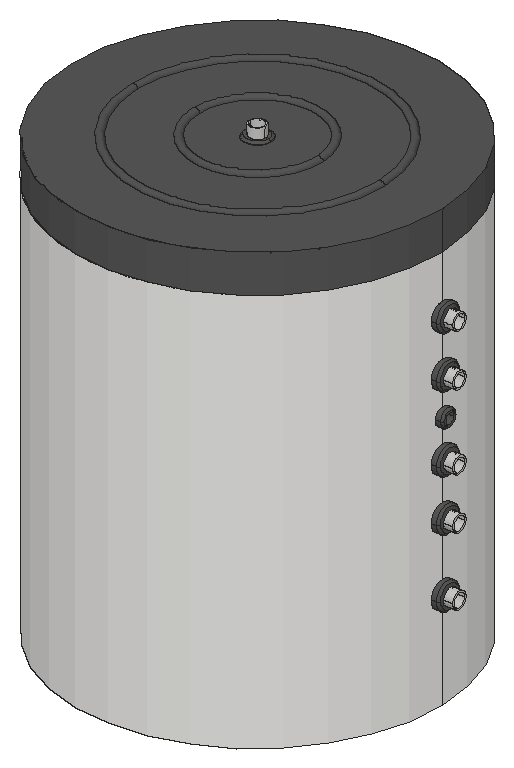
Revit family "S-tank_FRESH-200", category Оборудование, Revit 2019
Family settings
  Размер круглого соединителя = Использовать диаметр
  Классификация = Нет
  Тип детали = Нормальный
  На основе рабочей плоскости = Нет
  Всегда вертикально = Да
  При загрузке вырезать с полостями = Нет
  Общий = Нет
  Точка расчета площади = Нет
Parameters (values of type "FRESH 200")
  Разработка семейств = "https://rubim.tech/"
  Диаметрсизоляцией = 780 mm
  shrf = 17.5 mm
  rd [instance] = Диаметрсизоляцией / 2  # 390 mm
  a = Диаметрсизоляцией / 6  # 130 mm
  I = 735 mm
  H = 935 mm
  E = 625 mm
  DN2 = 15 mm
  DN1 = 25 mm
  D = 545 mm
  C = 465 mm
  B = 355 mm
  ADSK_Примечание [instance] = ""
  ADSK_Позиция [instance] = ""
  ADSK_Обозначение = "FRESH 200"
  ADSK_Наименование краткое [instance] = "БКН"
  ADSK_Наименование = "Буферная емкость c ГВС"
  ADSK_Масса_Текст [instance] = ""
  ADSK_Масса = 51
  ADSK_Марка = "FRESH 200"
  ADSK_Количество [instance] = 1  # constant formula
  ADSK_Код изделия = "1.0200"
  ADSK_Завод-изготовитель = "ООО “С-ТЭНК ВОТЕР ХИТЕРС”"
  ADSK_Единица измерения = "шт."  # constant formula
  ADSK_Группирование = "Оборудование"
  ADSK_URL документации изделия = "http://s-tank.ru/fresh/"
  A = 210 mm
Reference planes
  plane 1 "По центру (Вперед/Назад)": y = 0
  plane 2: z = 0
  plane 3 "По центру (Влево/Вправо)": x = 0
  plane 4: z = 210
  plane 5: z = 355
  plane 6: z = 465
  plane 7: z = 545
  plane 8: z = 935
  plane 9: x = 390
  plane 10: x = -390
  plane 11: x = 130
  plane 12: x = 260
  plane 13: y = -390
  plane 14: y = 390
  plane 15: z = 625
  plane 16: z = 735
Forms (mm)
  Extrusion 1, solid, material "RB_Серая порошковая"
    sketch origin (0, 0, 0) x (1, 0, 0) y (0, 1, 0)
      loop
        circle (0, 0) r 390
    from 0 to 855
  Extrusion 2, solid, material "RB_Черный пластик"
    sketch origin (0, 0, 0) x (1, 0, 0) y (0, 1, 0)
      loop
        circle (0, 0) r 390
    from 855 to 935
  Revolve 3, solid, material "RB_Черный пластик"
    sketch origin (0, 0, 0) x (1, 0, 0) y (0, 0, 1)
      loop
        line (122.5, 935) -> (137.5, 935)
        arc (137.5, 935) -> (130, 942.5) -> (122.5, 935) r 7.5
      loop
        line (252.5, 935) -> (267.5, 935)
        arc (267.5, 935) -> (260, 942.5) -> (252.5, 935) r 7.5
      axis (0, 935) -> (0, 936)
    angle from 0 to 360
  Extrusion 4, solid, material "Пластик синий", not visible
    sketch origin (-10, 0, 0) x (1, 0, 0) y (0, 0, 1)
      loop
        arc (-214.477, 2447.343) -> (-231.977, 2440.094) -> (-239.226, 2422.594) r 24.749
        line (-239.226, 2422.594) -> (-239.226, 2312.833)
        arc (-239.226, 2312.833) -> (-231.977, 2295.333) -> (-214.477, 2288.085) r 24.749
        line (-214.477, 2288.085) -> (236.536, 2288.085)
        arc (236.536, 2288.085) -> (254.036, 2295.333) -> (261.285, 2312.833) r 24.749
        line (261.285, 2312.833) -> (261.285, 2420.032)
        arc (261.285, 2420.032) -> (253.285, 2439.344) -> (233.974, 2447.343) r 27.311
        line (233.974, 2447.343) -> (-214.477, 2447.343)
      loop
        arc (-214.477, 2439.053) -> (-226.115, 2434.232) -> (-230.936, 2422.594) r 16.459
        line (-230.936, 2422.594) -> (-230.936, 2331.316) -> (252.994, 2331.316) -> (252.994, 2420.032)
        arc (252.994, 2420.032) -> (247.423, 2433.482) -> (233.974, 2439.053) r 19.021
        line (233.974, 2439.053) -> (-214.477, 2439.053)
      loop
        line (-115.968, 2397.309) -> (-115.968, 2379.809) -> (-65.968, 2379.809) -> (-65.968, 2397.309) -> (-115.968, 2397.309)
      loop
        line (-35.422, 2407.249) -> (-35.422, 2351.314) -> (-17.922, 2351.314) -> (-17.922, 2407.249) -> (3.349, 2407.249) -> (10.977, 2424.749) -> (-55.778, 2424.749) -> (-55.778, 2407.249) -> (-35.422, 2407.249)
      loop
        line (-4.413, 2351.314) -> (16.363, 2351.314) -> (21.205, 2358.883) -> (45.502, 2358.883) -> (45.502, 2351.314) -> (63.002, 2351.314) -> (63.002, 2377.816) -> (33.319, 2377.816) -> (45.396, 2396.692) -> (45.396, 2384.046) -> (62.896, 2384.046) -> (62.896, 2407.227)
        arc (62.896, 2407.227) -> (56.009, 2420.523) -> (41.176, 2422.567) r 16.277
        line (41.176, 2422.567) -> (-4.413, 2351.314)
      loop
        line (86.328, 2400.911) -> (116.793, 2357.872)
        arc (116.793, 2357.872) -> (128.592, 2352.604) -> (138.978, 2360.291) r 12.812
        line (138.978, 2360.291) -> (138.978, 2425.291) -> (121.478, 2425.291) -> (121.478, 2377.488) -> (92.799, 2417.763)
        arc (92.799, 2417.763) -> (79.669, 2423.404) -> (68.828, 2414.092) r 13.5
        line (68.828, 2414.092) -> (68.828, 2351.314) -> (86.328, 2351.314) -> (86.328, 2400.911)
      loop
        line (148.978, 2425.291) -> (148.978, 2351.314) -> (166.478, 2351.314) -> (166.478, 2387.9) -> (192.095, 2351.314) -> (210.407, 2351.314) -> (181.682, 2392.337) -> (202.618, 2425.291) -> (184.847, 2425.291) -> (166.478, 2396.377) -> (166.478, 2425.291) -> (148.978, 2425.291)
    from 759.938 to 875
  Extrusion 5, solid, material "Пластик красный", not visible
    sketch origin (-10, 0, 0) x (1, 0, 0) y (0, 0, 1)
      loop
        line (-183.191, 2407.249) -> (-125.538, 2407.249)
        arc (-125.538, 2407.249) -> (-123.959, 2408.615) -> (-124.451, 2410.643) r 2.004
        line (-124.451, 2410.643) -> (-138.593, 2424.749) -> (-178.435, 2424.749)
        arc (-178.435, 2424.749) -> (-183.852, 2416.825) -> (-183.191, 2407.249) r 14.627
      loop
        line (-178.104, 2401.129) -> (-146.323, 2368.814) -> (-182.715, 2368.814)
        arc (-182.715, 2368.814) -> (-184.77, 2366.956) -> (-184.098, 2364.267) r 2.693
        line (-184.098, 2364.267) -> (-171.109, 2351.314) -> (-128.051, 2351.314)
        arc (-128.051, 2351.314) -> (-118.918, 2357.483) -> (-121.231, 2368.259) r 9.845
        line (-121.231, 2368.259) -> (-153.559, 2401.129) -> (-178.104, 2401.129)
    from -875 to 875
Lines and regions (mm)
  reference lines
    curve 1: line (390, 0, 51.978) -> (390, 0, -48.022)
    curve 2: line (-390, 0, 51.978) -> (-390, 0, -88.022)
Dimensions and locks
  "H": plane 8 to plane 2
  "D": plane 7 to plane 2
  "C": plane 6 to plane 2
  "B": plane 5 to plane 2
  "A": plane 4 to plane 2
  "Диаметрсизоляцией": plane 9 to plane 10
  equal spacing: plane 9, plane 3 "По центру (Влево/Вправо)", plane 10
  "a": plane 11 to plane 3 "По центру (Влево/Вправо)"
  "a": plane 12 to plane 11
  equal spacing: Revolve 3 sketch curve, plane 11, Revolve 3 sketch curve
  equal spacing: Revolve 3 sketch curve, plane 12, Revolve 3 sketch curve
  Revolve 3 sketch curve to Revolve 3 sketch curve = 15 mm  (x2)
  "shrf": Extrusion 4 sketch curve to Extrusion 4 sketch curve  (x11)
  Extrusion 4 sketch curve to Extrusion 4 sketch curve = 15 mm  (x2)
  "shrf": Extrusion 5 sketch curve to Extrusion 5 sketch curve  (x3)
  equal spacing: plane 14, plane 1 "По центру (Вперед/Назад)", plane 13
  "Диаметрсизоляцией": plane 14 to plane 13
  locked: Extrusion 2 to plane 8 at 80
  "E": plane 15 to level
  "I": plane 16 to level
  "Диаметрсизоляцией": diameter of Extrusion 1 sketch curve
  "Диаметрсизоляцией": diameter of Extrusion 2 sketch curve
  aligned and locked: level to plane 2
  aligned and locked: Extrusion 4 sketch curve to Extrusion 4 sketch curve  (x3)
  aligned and locked: Extrusion 4 to Extrusion 5 sketch curve
  aligned and locked: Extrusion 5 sketch curve to Extrusion 4
  aligned and locked: nested 1 to plane 1 "По центру (Вперед/Назад)"
  aligned and locked: nested 2 to plane 4
  aligned and locked: nested 1 to plane 5
  aligned and locked: nested 4 to plane 6
  aligned and locked: nested 3 to plane 7
  aligned and locked: curve 1 to nested 3
  aligned and locked: curve 1 to nested 4
  aligned and locked: curve 1 to nested 1
  aligned and locked: curve 1 to nested 2
  aligned and locked: curve 1 to plane 9
  aligned and locked: nested 5 to plane 1 "По центру (Вперед/Назад)"
  aligned and locked: nested 5 to plane 8
  aligned and locked: Extrusion 2 to plane 8
  aligned and locked: Extrusion 1 to Extrusion 2
  aligned and locked: plane 15 to nested 6
  aligned and locked: plane 16 to nested 7
  aligned and locked: curve 1 to nested 6
  aligned and locked: curve 1 to nested 7
  aligned and locked: curve 2 to plane 10
  aligned and locked: curve 2 to nested 8
  aligned and locked: plane 4 to nested 8
Automatic sketch dimensions
  Extrusion 4 sketch curve to Extrusion 4 sketch curve = 0 mm  (x12)
  Extrusion 4 sketch curve to Extrusion 4 sketch curve = 8.29 mm
  Extrusion 4 sketch curve to Extrusion 4 sketch curve = 16.459 mm  (x3)
  Extrusion 4 sketch curve to Extrusion 4 sketch curve = 98.509 mm
  Extrusion 4 sketch curve to Extrusion 4 sketch curve = 50 mm
  Extrusion 4 sketch curve to Extrusion 4 sketch curve = 10.19 mm
  Extrusion 4 sketch curve to Extrusion 4 sketch curve = 20.356 mm
  Extrusion 4 sketch curve to Extrusion 4 sketch curve = 13.509 mm
  Extrusion 4 sketch curve to Extrusion 4 sketch curve = 4.843 mm
  Extrusion 4 sketch curve to Extrusion 4 sketch curve = 12.113 mm
  Extrusion 4 sketch curve to Extrusion 4 sketch curve = 30.199 mm
  Extrusion 4 sketch curve to Extrusion 4 sketch curve = 12.078 mm
  Extrusion 4 sketch curve to Extrusion 4 sketch curve = 12.183 mm
  Extrusion 4 sketch curve to Extrusion 4 sketch curve = 1.223 mm
  Extrusion 4 sketch curve to Extrusion 4 sketch curve = 5.932 mm
  Extrusion 4 sketch curve to Extrusion 4 sketch curve = 4.616 mm
  Extrusion 4 sketch curve to Extrusion 4 sketch curve = 11.087 mm
  Extrusion 4 sketch curve to Extrusion 4 sketch curve = 30.465 mm
  Extrusion 4 sketch curve to Extrusion 4 sketch curve = 4.684 mm
  Extrusion 4 sketch curve to Extrusion 4 sketch curve = 11.775 mm
  Extrusion 4 sketch curve to Extrusion 4 sketch curve = 10 mm
  Extrusion 4 sketch curve to Extrusion 4 sketch curve = 15.205 mm
  Extrusion 4 sketch curve to Extrusion 4 sketch curve = 18.369 mm
  Extrusion 4 sketch curve to Extrusion 4 sketch curve = 25.618 mm
  Extrusion 4 sketch curve to Extrusion 4 sketch curve = 17.771 mm
  Extrusion 4 sketch curve to Extrusion 4 sketch curve = 18.312 mm
  Extrusion 4 sketch curve to Extrusion 4 sketch curve = 31.356 mm
  Extrusion 4 sketch curve to Extrusion 4 sketch curve = 18.483 mm
  Extrusion 4 sketch curve to Extrusion 4 sketch curve = 38.481 mm
  Extrusion 4 sketch curve to Extrusion 4 sketch curve = 6.557 mm
  Extrusion 4 sketch curve to Extrusion 4 sketch curve = 8.977 mm
  Extrusion 4 sketch curve to Extrusion 4 sketch curve = 12.148 mm
  Extrusion 4 sketch curve to Extrusion 4 sketch curve = 28.495 mm
  Extrusion 4 sketch curve to Extrusion 4 sketch curve = 12.647 mm
  Extrusion 4 sketch curve to Extrusion 4 sketch curve = 6.316 mm
  Extrusion 4 sketch curve to Extrusion 4 sketch curve = 15.318 mm
  Extrusion 4 sketch curve to Extrusion 4 sketch curve = 9.148 mm
  Extrusion 4 sketch curve to Extrusion 4 sketch curve = 6.865 mm
  Extrusion 4 sketch curve to Extrusion 4 sketch curve = 5.259 mm
  Extrusion 4 sketch curve to Extrusion 4 sketch curve = 28.915 mm
  Extrusion 5 sketch curve to Extrusion 5 sketch curve = 0.908 mm
  Extrusion 5 sketch curve to Extrusion 5 sketch curve = 1.383 mm
  Extrusion 5 sketch curve to Extrusion 5 sketch curve = 1.904 mm
  Extrusion 5 sketch curve to Extrusion 5 sketch curve = 4.756 mm
  Extrusion 5 sketch curve to Extrusion 5 sketch curve = 5.086 mm
  Extrusion 5 sketch curve to Extrusion 5 sketch curve = 12.989 mm
  Extrusion 5 sketch curve to Extrusion 5 sketch curve = 8.698 mm
  Extrusion 5 sketch curve to Extrusion 5 sketch curve = 16.177 mm
  Extrusion 5 sketch curve to Extrusion 5 sketch curve = 24.787 mm
  Extrusion 5 sketch curve to Extrusion 5 sketch curve = 14.966 mm
  Extrusion 5 sketch curve to Extrusion 5 sketch curve = 18.272 mm
  Extrusion 5 sketch curve to Extrusion 5 sketch curve = 12.725 mm
  Extrusion 5 sketch curve to Extrusion 5 sketch curve = 0.33 mm
  Extrusion 5 sketch curve to Extrusion 5 sketch curve = 1.417 mm
  Extrusion 5 sketch curve to Extrusion 5 sketch curve = 6.82 mm
  Extrusion 5 sketch curve to Extrusion 5 sketch curve = 4.547 mm
  Extrusion 5 sketch curve to Extrusion 5 sketch curve = 1.977 mm
  Extrusion 4 sketch curve to Extrusion 4 sketch curve = 21.271 mm
  Extrusion 4 sketch curve to Extrusion 4 sketch curve = 7.628 mm
  Extrusion 4 sketch curve to Extrusion 4 sketch curve = 20.775 mm
  Extrusion 4 sketch curve to Extrusion 4 sketch curve = 26.129 mm
  Revolve 3 sketch curve to plane 3 "По центру (Влево/Вправо)" = 0 mm
  Revolve 3 sketch curve to plane 8 = 0 mm  (x2)
  Revolve 3 sketch curve to plane 8 = 100 mm
  Revolve 3 sketch curve to Revolve 3 sketch curve = 220 mm
  curve 2 to level = 88.022 mm
  curve 1 to level = 48.022 mm
  level to curve 2 = 51.978 mm
  level to curve 1 = 51.978 mm
  plane 1 "По центру (Вперед/Назад)" to Extrusion 1 sketch curve = 0 mm
  Extrusion 1 sketch curve to plane 3 "По центру (Влево/Вправо)" = 0 mm
  plane 1 "По центру (Вперед/Назад)" to Extrusion 2 sketch curve = 0 mm
  Extrusion 2 sketch curve to plane 3 "По центру (Влево/Вправо)" = 0 mm
Nested families
  nested 1: "патрубок" at (390, 0, 355) x (0, 1, 0) z (0, 0, 1), DN <- "DN1", type "патрубок"
    with ВР yes, L2 50 mm, L1 30 mm, Dv 35.5 mm, Dtv 29.5 mm, Dt 33.5 mm, Dn 56.8 mm, DN 25 mm
  nested 2: "патрубок" at (390, 0, 210) x (0, 1, 0) z (0, 0, 1), DN <- "DN1", type "патрубок"
    with ВР yes, L2 50 mm, L1 30 mm, Dv 35.5 mm, Dtv 29.5 mm, Dt 33.5 mm, Dn 56.8 mm, DN 25 mm
  nested 3: "патрубок" at (390, 0, 545) x (0, 1, 0) z (0, 0, 1), DN <- "DN2", type "патрубок"
    with ВР no, L2 15 mm, L1 30 mm, Dv 23.3 mm, Dtv 17.3 mm, Dt 21.3 mm, Dn 37.28 mm, DN 15 mm
  nested 4: "патрубок" at (390, 0, 465) x (0, 1, 0) z (0, 0, 1), DN <- "DN1", type "патрубок"
    with ВР yes, L2 50 mm, L1 30 mm, Dv 35.5 mm, Dtv 29.5 mm, Dt 33.5 mm, Dn 56.8 mm, DN 25 mm
  nested 5: "патрубок" at (0, 0, 924.119) x (1, 0, 0) z (0, 1, 0), DN <- "DN1", type "патрубок"
    with ВР yes, L2 50 mm, L1 30 mm, Dv 35.5 mm, Dtv 29.5 mm, Dt 33.5 mm, Dn 56.8 mm, DN 25 mm
  nested 6: "патрубок" at (390, 0, 625) x (0, 1, 0) z (0, 0, 1), DN <- "DN1", type "патрубок"
    with ВР yes, L2 50 mm, L1 30 mm, Dv 35.5 mm, Dtv 29.5 mm, Dt 33.5 mm, Dn 56.8 mm, DN 25 mm
  nested 7: "патрубок" at (390, 0, 735) x (0, 1, 0) z (0, 0, 1), DN <- "DN1", type "патрубок"
    with ВР yes, L2 50 mm, L1 30 mm, Dv 35.5 mm, Dtv 29.5 mm, Dt 33.5 mm, Dn 56.8 mm, DN 25 mm
  nested 8: "патрубок" at (-390, 0, 210) x (0, 1, 0) z (0, 0, 1), type "патрубок"
    with ВР no, L2 15 mm, L1 30 mm, Dv 50 mm, Dtv 44 mm, Dt 48 mm, Dn 80 mm, DN 40 mm
Connectors
  piping at (0, 0, 959.119), diameter 25, driven by "DN1"
    settings: on nested 5, index 21, connector inside diameter 609.6 mm, connector length 0 mm, flow factor 0, pipe flow 0.0 L/s, pressure drop 0.0 Pa, fitting loss kfactor 0, connector angle 0.00°, fixture units 0, engagement length 0 mm, angle of deflection 0.00°, flow configuration 0, flow direction 2, fitting loss method 0, system type 7, joint type 0, gender type 0, connector reference index -1, connector utility 0, adjustable connector no, is connector primary yes, connector description ""
  piping at (425, 0, 210), diameter 25, driven by "DN1"
    settings: on nested 2, index 22, connector inside diameter 609.6 mm, connector length 0 mm, flow factor 0, pipe flow 0.0 L/s, pressure drop 0.0 Pa, fitting loss kfactor 0, connector angle 0.00°, fixture units 0, engagement length 0 mm, angle of deflection 0.00°, flow configuration 0, flow direction 2, fitting loss method 0, system type 29, joint type 0, gender type 0, connector reference index -1, connector utility 0, adjustable connector no, is connector primary no, connector description ""
  piping at (425, 0, 355), diameter 25, driven by "DN1"
    settings: on nested 1, index 23, connector inside diameter 609.6 mm, connector length 0 mm, flow factor 0, pipe flow 0.0 L/s, pressure drop 0.0 Pa, fitting loss kfactor 0, connector angle 0.00°, fixture units 0, engagement length 0 mm, angle of deflection 0.00°, flow configuration 0, flow direction 1, fitting loss method 0, system type 8, joint type 0, gender type 0, connector reference index -1, connector utility 0, adjustable connector no, is connector primary no, connector description ""
  piping at (425, 0, 465), diameter 25, driven by "DN1"
    settings: on nested 4, index 24, connector inside diameter 609.6 mm, connector length 0 mm, flow factor 0, pipe flow 0.0 L/s, pressure drop 0.0 Pa, fitting loss kfactor 0, connector angle 0.00°, fixture units 0, engagement length 0 mm, angle of deflection 0.00°, flow configuration 0, flow direction 1, fitting loss method 0, system type 20, joint type 0, gender type 0, connector reference index -1, connector utility 0, adjustable connector no, is connector primary no, connector description ""
  piping at (390, 0, 545), diameter 15, driven by "DN2"
    settings: on nested 3, index 25, connector inside diameter 609.6 mm, connector length 0 mm, flow factor 0, pipe flow 0.0 L/s, pressure drop 0.0 Pa, fitting loss kfactor 0, connector angle 0.00°, fixture units 0, engagement length 0 mm, angle of deflection 0.00°, flow configuration 0, flow direction 1, fitting loss method 0, system type 29, joint type 0, gender type 0, connector reference index -1, connector utility 0, adjustable connector no, is connector primary no, connector description ""
  piping at (425, 0, 625), diameter 25, driven by "DN1"
    settings: on nested 6, index 26, connector inside diameter 609.6 mm, connector length 0 mm, flow factor 0, pipe flow 0.0 L/s, pressure drop 0.0 Pa, fitting loss kfactor 0, connector angle 0.00°, fixture units 0, engagement length 0 mm, angle of deflection 0.00°, flow configuration 0, flow direction 1, fitting loss method 0, system type 7, joint type 0, gender type 0, connector reference index -1, connector utility 0, adjustable connector no, is connector primary no, connector description ""
  piping at (425, 0, 735), diameter 25, driven by "DN1"
    settings: on nested 7, index 27, connector inside diameter 609.6 mm, connector length 0 mm, flow factor 0, pipe flow 0.0 L/s, pressure drop 0.0 Pa, fitting loss kfactor 0, connector angle 0.00°, fixture units 0, engagement length 0 mm, angle of deflection 0.00°, flow configuration 0, flow direction 2, fitting loss method 0, system type 19, joint type 0, gender type 0, connector reference index -1, connector utility 0, adjustable connector no, is connector primary no, connector description ""
Definition of nested family "патрубок"
  Parameters (values of type "патрубок")
    ВР [instance] = yes
    L2 [instance] = if(ВР, L1 + 20 mm, L1 - 15 mm)  # 50 mm
    L1 [instance] = 30 mm
    Dv [instance] = Dt + 2 mm  # 50 mm
    Dtv [instance] = Dt - 4 mm  # 44 mm
    Dt [instance] = if(DN = 15 mm, 21.3 mm, if(DN = 20 mm, 26.8 mm, if(DN = 25 mm, 33.5 mm, if(DN = 32 mm, 42.3 mm, if(DN = 40 mm, 48 mm, if(DN = 50 mm, 60 mm, 15 mm))))))  # 48 mm
    Dn [instance] = Dv * 1.6  # 80 mm
    DN [instance] = 40 mm
    2 = none
    1 = none
  Reference planes
    plane 1 "По центру (Вперед/Назад)": y = 0
    plane 2: z = 0
    plane 3 "По центру (Влево/Вправо)": x = 0
  Forms (mm)
    Extrusion 1, solid, material <- "1"
      sketch origin (0, 0, 0) x (1, 0, 0) y (0, 0, 1)
        loop
          circle (0, 0) r 40
        loop
          circle (0, 0) r 25
      from -15 to 15
    Extrusion 2, solid, material <- "2"
      sketch origin (0, 0, 0) x (1, 0, 0) y (0, 0, 1)
        loop
          circle (0, 0) r 24
        loop
          circle (0, 0) r 22
      from -15 to 35
    Sweep 3, void
      path in 3D
        loop
          arc (40, -15, 0) -> (0, -15, -40) -> (-40, -15, 0) r 40
          arc (-40, -15, 0) -> (0, -15, 40) -> (40, -15, 0) r 40
      profile origin (0, -15, 40) x (0, 0, 1) y (0, -1, 0)
        loop
          line (0, -4.119) -> (0, 0) -> (-4.119, 0) -> (0, -4.119)
  Cuts and joins
    Sweep 3 cuts Extrusion 1
  Lines and regions (mm)
    sketch lines
      curve 1: arc (-40, -15, 0) -> (0, -15, 40) -> (40, -15, 0) r 40
      curve 2: arc (40, -15, 0) -> (0, -15, -40) -> (-40, -15, 0) r 40
  Dimensions and locks
    "L1": Extrusion 1 to Extrusion 1
    equal spacing: Extrusion 1, plane 1 "По центру (Вперед/Назад)", Extrusion 1
    "L2": Extrusion 1 to Extrusion 2
    "Dn": diameter of Extrusion 1 sketch curve
    "Dv": diameter of Extrusion 1 sketch curve
    "Dt": diameter of Extrusion 2 sketch curve
    "Dtv": diameter of Extrusion 2 sketch curve
    locked: profile plane to Sweep 3 sketch curve (angle 45.00°)
    aligned and locked: level to plane 2
    aligned and locked: Extrusion 1 to Extrusion 2
    aligned and locked: Sweep 3 sketch curve to profile plane
    aligned and locked: profile plane to Sweep 3 sketch curve
  Automatic sketch dimensions
    profile plane to Sweep 3 sketch curve = 4.119 mm
    Extrusion 1 sketch curve to Extrusion 1 sketch curve = 0 mm  (x2)
    Extrusion 1 sketch curve to level = 0 mm
    Extrusion 1 sketch curve to plane 3 "По центру (Влево/Вправо)" = 0 mm
    Extrusion 2 sketch curve to Extrusion 2 sketch curve = 0 mm  (x2)
    Extrusion 2 sketch curve to level = 0 mm
    Extrusion 2 sketch curve to plane 3 "По центру (Влево/Вправо)" = 0 mm
